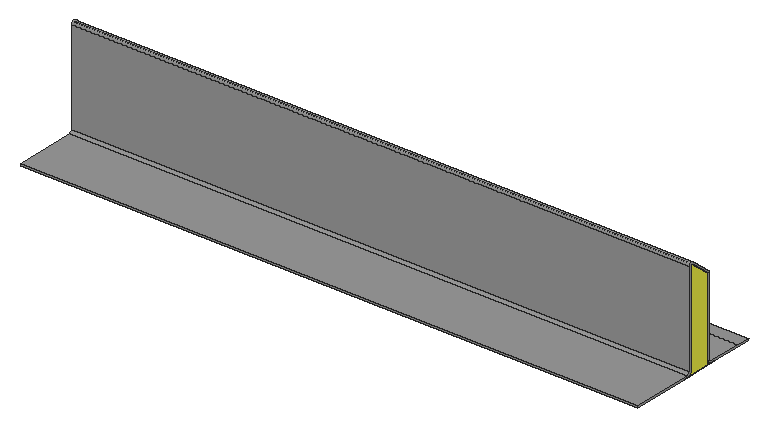
Revit family "HD K 50  WIL", category Generic Models, Revit 2014
Parameters (values of type "Max lintel length 2700mm")
  URL = "http://www.keystonelintels.co.uk"
  Structural Opening [instance] = 900 mm
  Structural Performance = "The Keystone lintel range has safe working loads as detailed in each applicable loading table in the Keystone Lintel Guide brochure. The structural performance figures within each table have been ascertained by testing in accordance with the requirements of standards BS EN 5977-2: 1983 and BS EN 845-2: 2003."
  RIBA Productor Selector = "available for Keystone Lintels Ltd from Keystone Lintels Ltd from ribaproductselector.com"
  Model = "HD/K 50 WIL"
  Min Length = 600 mm
  Min Clear Span = 300 mm
  Max Length = 2700 mm
  Max Clear Span = 2700 mm
  Material - Stainless Steel = "Grade 304 2b 1.4307 to BS EN 10088-2. Other grades available on request: contact manufacturer."
  Material - Galvanised Steel = "To BS EN 10346: 2009. DX51D plus Z600 or grade Z275 to BS 5977-2: 1983 (BS EN 845-2: 2003)."
  Manufacturer = "Keystone"
  Manufactured Length [instance] = (roundup(Effective Length / 150 mm) * 150 mm)  # 1200 mm
  Lintel height [instance] = 2100 mm
  Keynote = "F30/755"
  Fire Performance = "Keystone lintels have been subjected to a fire test (WARRES No. 101263) in accordance with BS 476-20: 1987, at Exova Warrington Fire and achieved a one hour fire performance."
  End Bearing = 150 mm
  Effective Length [instance] = Clear Opening with MIN MAX set + End Bearing * 2  # 1200 mm
  Corrosion = "Keystone’s standard range of lintels are manufactured from high quality grade pre-galvanized carbon steel with a zinc coating of 600"
  Contact Tel = "+44 (0)28 8676 2184"
  Contact Email = "info@keystonelintels.co.uk"
  Clear Opening with MIN MAX set [instance] = if(Structural Opening < Min Clear Span, Min Clear Span, (if(Structural Opening > Max Clear Span, Max Clear Span, Structural Opening)))  # 900 mm
  CPD Information = "Available for Keystone Lintels Ltd from ribacpd.com"
Reference planes
  plane 1 "Center (Front/Back)": y = 0
  plane 2: z = 0
  plane 3 "Center (Left/Right)": x = 0
  plane 4: x = -600
  plane 5: x = 600
  plane 6: z = 2100
  plane 7: x = -450
  plane 8: x = 450
Forms (mm)
  Extrusion 1, solid, material "Steel"
    sketch origin (0, 700.699, -512.759) x (0, 1, 0) y (0, 0, 1)
      loop
        line (-608.042, 2612.759) -> (-583.097, 2611.896) -> (-582.986, 2615.094) -> (-607.986, 2615.959) -> (-672.986, 2615.959)
        arc (-672.986, 2615.959) -> (-676.522, 2617.424) -> (-677.986, 2620.959) r 5
        line (-677.986, 2620.959) -> (-677.986, 2771.92)
        arc (-677.986, 2771.92) -> (-678.472, 2774.116) -> (-679.84, 2775.901) r 5.2
        line (-679.84, 2775.901) -> (-717.44, 2807.503)
        arc (-717.44, 2807.503) -> (-722.982, 2808.236) -> (-725.986, 2803.523) r 5.2
        line (-725.986, 2803.523) -> (-725.986, 2620.959)
        arc (-725.986, 2620.959) -> (-727.451, 2617.424) -> (-730.986, 2615.959) r 5
        line (-730.986, 2615.959) -> (-850.986, 2615.959) -> (-850.986, 2612.759) -> (-730.986, 2612.759)
        arc (-730.986, 2612.759) -> (-725.188, 2615.161) -> (-722.786, 2620.959) r 8.2
        line (-722.786, 2620.959) -> (-722.786, 2803.523)
        arc (-722.786, 2803.523) -> (-721.631, 2805.336) -> (-719.499, 2805.054) r 2
        line (-719.499, 2805.054) -> (-681.899, 2773.451)
        arc (-681.899, 2773.451) -> (-681.373, 2772.764) -> (-681.186, 2771.92) r 2
        line (-681.186, 2771.92) -> (-681.186, 2620.959)
        arc (-681.186, 2620.959) -> (-678.784, 2615.161) -> (-672.986, 2612.759) r 8.2
        line (-672.986, 2612.759) -> (-608.042, 2612.759)
    from -600 to 600
  Extrusion 2, solid, material "Steel"
    sketch origin (0, 700.699, -512.759) x (0, 1, 0) y (0, 0, 1)
      loop
        line (-739.486, 2611.759) -> (-664.486, 2611.759) -> (-664.486, 2612.759) -> (-681.486, 2612.759) -> (-681.486, 2620.759) -> (-682.486, 2620.759) -> (-682.486, 2612.759) -> (-739.486, 2612.759) -> (-739.486, 2611.759)
    from -600 to 600
  Extrusion 3, solid, material "Insulation"
    sketch origin (0, 700.699, -512.759) x (0, 1, 0) y (0, 0, 1)
      loop
        line (-681.186, 2620.959) -> (-681.186, 2771.92)
        arc (-681.186, 2771.92) -> (-681.373, 2772.764) -> (-681.899, 2773.451) r 2
        line (-681.899, 2773.451) -> (-719.499, 2805.054)
        arc (-719.499, 2805.054) -> (-721.631, 2805.336) -> (-722.786, 2803.523) r 2
        line (-722.786, 2803.523) -> (-722.786, 2620.959)
        arc (-722.786, 2620.959) -> (-725.188, 2615.161) -> (-730.986, 2612.759) r 8.2
        line (-730.986, 2612.759) -> (-682.486, 2612.759) -> (-682.486, 2620.759) -> (-681.486, 2620.759) -> (-681.486, 2612.759) -> (-672.986, 2612.759)
        arc (-672.986, 2612.759) -> (-678.784, 2615.161) -> (-681.186, 2620.959) r 8.2
    from -600 to 600
  Extrusion 4, solid, not visible
    sketch origin (0, 1030.189, 1337.804) x (0, 1, 0) y (0, 0, 1)
      loop
        line (-608.042, 1012.759) -> (-583.097, 1011.896) -> (-582.986, 1015.094) -> (-607.986, 1015.959) -> (-672.986, 1015.959)
        arc (-672.986, 1015.959) -> (-676.522, 1017.424) -> (-677.986, 1020.959) r 5
        line (-677.986, 1020.959) -> (-677.986, 1171.92)
        arc (-677.986, 1171.92) -> (-678.472, 1174.116) -> (-679.84, 1175.901) r 5.2
        line (-679.84, 1175.901) -> (-717.44, 1207.503)
        arc (-717.44, 1207.503) -> (-722.982, 1208.236) -> (-725.986, 1203.523) r 5.2
        line (-725.986, 1203.523) -> (-725.986, 1020.959)
        arc (-725.986, 1020.959) -> (-727.451, 1017.424) -> (-730.986, 1015.959) r 5
        line (-730.986, 1015.959) -> (-850.986, 1015.959) -> (-850.986, 1012.759) -> (-730.986, 1012.759)
        arc (-730.986, 1012.759) -> (-725.188, 1015.161) -> (-722.786, 1020.959) r 8.2
        line (-722.786, 1020.959) -> (-722.786, 1203.523)
        arc (-722.786, 1203.523) -> (-721.631, 1205.336) -> (-719.499, 1205.054) r 2
        line (-719.499, 1205.054) -> (-681.899, 1173.451)
        arc (-681.899, 1173.451) -> (-681.373, 1172.764) -> (-681.186, 1171.92) r 2
        line (-681.186, 1171.92) -> (-681.186, 1020.959)
        arc (-681.186, 1020.959) -> (-678.784, 1015.161) -> (-672.986, 1012.759) r 8.2
        line (-672.986, 1012.759) -> (-608.042, 1012.759)
    from 0 to 250
  Extrusion 5, solid, not visible
    sketch origin (0, 541.493, 1373.73) x (0, 1, 0) y (0, 0, 1)
      loop
        line (-681.186, 1020.959) -> (-681.186, 1171.92)
        arc (-681.186, 1171.92) -> (-681.373, 1172.764) -> (-681.899, 1173.451) r 2
        line (-681.899, 1173.451) -> (-719.499, 1205.054)
        arc (-719.499, 1205.054) -> (-721.631, 1205.336) -> (-722.786, 1203.523) r 2
        line (-722.786, 1203.523) -> (-722.786, 1020.959)
        arc (-722.786, 1020.959) -> (-725.188, 1015.161) -> (-730.986, 1012.759) r 8.2
        line (-730.986, 1012.759) -> (-682.486, 1012.759) -> (-682.486, 1020.759) -> (-681.486, 1020.759) -> (-681.486, 1012.759) -> (-672.986, 1012.759)
        arc (-672.986, 1012.759) -> (-678.784, 1015.161) -> (-681.186, 1020.959) r 8.2
    from 0 to 250
  Extrusion 6, solid, not visible
    sketch origin (0, 917.754, 1001.378) x (0, 1, 0) y (0, 0, 1)
      loop
        line (-739.486, 1011.759) -> (-664.486, 1011.759) -> (-664.486, 1012.759) -> (-681.486, 1012.759) -> (-681.486, 1020.759) -> (-682.486, 1020.759) -> (-682.486, 1012.759) -> (-739.486, 1012.759) -> (-739.486, 1011.759)
    from 0 to 250
Dimensions and locks
  equal spacing: plane 4, plane 3 "Center (Left/Right)", plane 5
  "Manufactured Length": plane 4 to plane 5
  "Lintel height": plane 6 to level
  "Structural Opening": plane 7 to plane 8
  equal spacing: plane 7, plane 3 "Center (Left/Right)", plane 8
  aligned and locked: level to plane 2
  aligned and locked: Extrusion 1 to plane 6
  aligned and locked: Extrusion 3 to plane 6
  aligned and locked: plane 6 to Extrusion 2
  aligned and locked: plane 5 to Extrusion 1
  aligned and locked: Extrusion 1 to plane 4
  aligned and locked: plane 5 to Extrusion 2
  aligned and locked: Extrusion 2 to plane 4
  aligned and locked: plane 5 to Extrusion 3
  aligned and locked: Extrusion 3 to plane 4
Automatic sketch dimensions
  Extrusion 1 sketch curve to Extrusion 1 sketch curve = 24.945 mm
  Extrusion 1 sketch curve to Extrusion 1 sketch curve = 0.111 mm
  Extrusion 1 sketch curve to Extrusion 1 sketch curve = 0.863 mm
  Extrusion 1 sketch curve to Extrusion 1 sketch curve = 0.055 mm
  Extrusion 1 sketch curve to Extrusion 1 sketch curve = 65 mm
  Extrusion 1 sketch curve to Extrusion 1 sketch curve = 0 mm  (x17)
  Extrusion 1 sketch curve to Extrusion 1 sketch curve = 5 mm  (x2)
  Extrusion 1 sketch curve to Extrusion 1 sketch curve = 150.961 mm
  Extrusion 1 sketch curve to Extrusion 1 sketch curve = 2 mm
  Extrusion 1 sketch curve to Extrusion 1 sketch curve = 0.713 mm
  Extrusion 1 sketch curve to Extrusion 1 sketch curve = 2.059 mm  (x2)
  Extrusion 1 sketch curve to Extrusion 1 sketch curve = 37.6 mm
  Extrusion 1 sketch curve to Extrusion 1 sketch curve = 31.603 mm
  Extrusion 1 sketch curve to Extrusion 1 sketch curve = 2.45 mm
  Extrusion 1 sketch curve to Extrusion 1 sketch curve = 1.287 mm
  Extrusion 1 sketch curve to Extrusion 1 sketch curve = 1.531 mm
  Extrusion 1 sketch curve to Extrusion 1 sketch curve = 120 mm
  Extrusion 2 sketch curve to Extrusion 2 sketch curve = 75 mm
  Extrusion 2 sketch curve to Extrusion 2 sketch curve = 1 mm  (x2)
  Extrusion 2 sketch curve to Extrusion 2 sketch curve = 17 mm
  Extrusion 2 sketch curve to Extrusion 2 sketch curve = 8 mm
  Extrusion 2 sketch curve to Extrusion 2 sketch curve = 0 mm
  Extrusion 3 sketch curve to Extrusion 3 sketch curve = 8.2 mm
  Extrusion 3 sketch curve to Extrusion 3 sketch curve = 2 mm
  Extrusion 3 sketch curve to Extrusion 3 sketch curve = 1.287 mm  (x2)
  Extrusion 3 sketch curve to Extrusion 3 sketch curve = 37.6 mm
  Extrusion 3 sketch curve to Extrusion 3 sketch curve = 40.3 mm
  Extrusion 3 sketch curve to Extrusion 3 sketch curve = 1 mm
  Extrusion 3 sketch curve to Extrusion 3 sketch curve = 0.713 mm
  Extrusion 3 sketch curve to Extrusion 3 sketch curve = 8.5 mm
  Extrusion 3 sketch curve to Extrusion 3 sketch curve = 0 mm
  Extrusion 3 sketch curve to Extrusion 3 sketch curve = 0.2 mm
  Extrusion 3 sketch curve to Extrusion 3 sketch curve = 150.961 mm
  Extrusion 3 sketch curve to Extrusion 3 sketch curve = 31.603 mm
  Extrusion 4 sketch curve to Extrusion 4 sketch curve = 24.945 mm
  Extrusion 4 sketch curve to Extrusion 4 sketch curve = 0.111 mm
  Extrusion 4 sketch curve to Extrusion 4 sketch curve = 0.863 mm
  Extrusion 4 sketch curve to Extrusion 4 sketch curve = 0.055 mm
  Extrusion 4 sketch curve to Extrusion 4 sketch curve = 65 mm
  Extrusion 4 sketch curve to Extrusion 4 sketch curve = 0 mm  (x17)
  Extrusion 4 sketch curve to Extrusion 4 sketch curve = 5 mm  (x2)
  Extrusion 4 sketch curve to Extrusion 4 sketch curve = 150.961 mm
  Extrusion 4 sketch curve to Extrusion 4 sketch curve = 2 mm
  Extrusion 4 sketch curve to Extrusion 4 sketch curve = 0.713 mm
  Extrusion 4 sketch curve to Extrusion 4 sketch curve = 2.059 mm  (x2)
  Extrusion 4 sketch curve to Extrusion 4 sketch curve = 37.6 mm
  Extrusion 4 sketch curve to Extrusion 4 sketch curve = 31.603 mm
  Extrusion 4 sketch curve to Extrusion 4 sketch curve = 2.45 mm
  Extrusion 4 sketch curve to Extrusion 4 sketch curve = 1.287 mm
  Extrusion 4 sketch curve to Extrusion 4 sketch curve = 1.531 mm
  Extrusion 4 sketch curve to Extrusion 4 sketch curve = 120 mm
  Extrusion 5 sketch curve to Extrusion 5 sketch curve = 8.2 mm
  Extrusion 5 sketch curve to Extrusion 5 sketch curve = 2 mm
  Extrusion 5 sketch curve to Extrusion 5 sketch curve = 1.287 mm  (x2)
  Extrusion 5 sketch curve to Extrusion 5 sketch curve = 37.6 mm
  Extrusion 5 sketch curve to Extrusion 5 sketch curve = 40.3 mm
  Extrusion 5 sketch curve to Extrusion 5 sketch curve = 1 mm
  Extrusion 5 sketch curve to Extrusion 5 sketch curve = 0.713 mm
  Extrusion 5 sketch curve to Extrusion 5 sketch curve = 8.5 mm
  Extrusion 5 sketch curve to Extrusion 5 sketch curve = 0 mm
  Extrusion 5 sketch curve to Extrusion 5 sketch curve = 0.2 mm
  Extrusion 5 sketch curve to Extrusion 5 sketch curve = 150.961 mm
  Extrusion 5 sketch curve to Extrusion 5 sketch curve = 31.603 mm
  Extrusion 6 sketch curve to Extrusion 6 sketch curve = 75 mm
  Extrusion 6 sketch curve to Extrusion 6 sketch curve = 1 mm  (x2)
  Extrusion 6 sketch curve to Extrusion 6 sketch curve = 17 mm
  Extrusion 6 sketch curve to Extrusion 6 sketch curve = 8 mm
  Extrusion 6 sketch curve to Extrusion 6 sketch curve = 0 mm
  Extrusion 3 sketch curve to plane 6 = 0 mm
  plane 1 "Center (Front/Back)" to Extrusion 3 sketch curve = 30.287 mm
  Extrusion 1 sketch curve to plane 6 = 0 mm
  plane 1 "Center (Front/Back)" to Extrusion 1 sketch curve = 150.287 mm
  Extrusion 2 sketch curve to plane 6 = 0 mm
  plane 1 "Center (Front/Back)" to Extrusion 2 sketch curve = 38.787 mm
